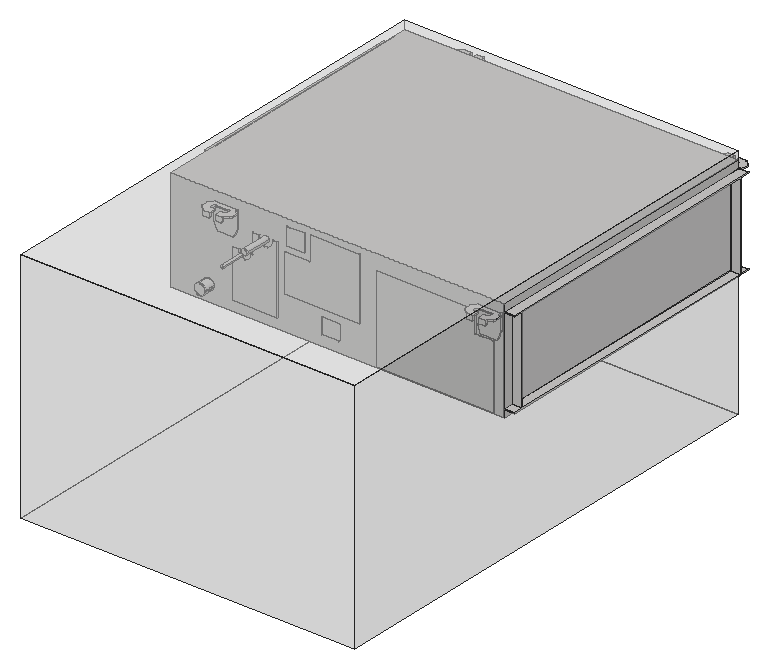
Revit family "outputfile", category 機械設備, Revit 2024
Family settings
  丸型コネクタ寸法 = 半径を使用
  パーツ タイプ = 標準
  OmniClass 番号 = 23.75.10.24.21.27.27
  OmniClass タイトル = Split System Air Conditioning Units
  作業面ベース = いいえ
  常に垂直 = はい
  ロード時にボイドで切り取り = いいえ
  注釈の向きを維持 = いいえ
  共有 = いいえ
  部屋計算ポイント = はい
Parameters (values of type "FBFC60DVMG")
  Description = ""
  製造元 = "Daikin"
  書き出し IFC クラス(タイプ) = "IfcUnitaryEquipmentType"
  定義済み IFC タイプ(タイプ) = "AIRCONDITIONINGUNIT"
  Cost = 0
  モデル = "FBFC60DVMG"
  Type Comments = ""
  Keynote = ""
  Type Image = (empty or 0)
  Assembly Code = ""
  switch_frequency = yes
  r_Liquid Pipe Size = Liquid Pipe Size / 2  # 3.2 mm
  r_Gas Pipe Size = Gas Pipe Size / 2  # 6.35 mm
  r_Drain Pipe Size = Drain Pipe Size / 2  # 12.5 mm
  lw_power = 770.0 mm  # constant formula
  lh_SA = 138.0 mm  # constant formula
  lw_SA = if(Depth = 550.0 mm, 225.0 mm, if(Depth = 700.0 mm, 300.0 mm, if(Depth = 1000.0 mm, 450.0 mm, if(Depth = 1400.0 mm, 650.0 mm, 725.0 mm))))  # 300.0 mm
  lw_RA = if(Depth = 550.0 mm, 275.0 mm, if(Depth = 700.0 mm, 349.0 mm, if(Depth = 1000.0 mm, 499.0 mm, if(Depth = 1400.0 mm, 699.0 mm, 775.0 mm))))  # 349.0 mm
  lh_power = 60.0 mm + [h***]  # 60.0 mm
  lh_mountinghole1 = lh_mountinghole + [h***]  # 222.0 mm
  lh_RA = 123.0 mm  # constant formula
  ld_power = Depth / 2  # 350.0 mm
  connector_voltage = Voltage_50Hz  # 230 V
  connector_powerinput = [Power Input (Cooling)]  # 0.000 kW
  connector_phase = Phase_50Hz  # 1
  Voltage_comment_50Hz = "220 - 240"
  Voltage_50Hz = 230 V
  URL = ""
  Supply Air Direction [instance] = yes
  Sound Power Level_H speed (dB) = 0
  Phase_50Hz = 1
  Minimum External Static Pressure = 30.00 Pa
  Minimum Circuit Amps_50Hz = 0.0 A
  Maximum Fuse Amps_50Hz = 0.0 A
  Maximum External Static Pressure = 130.00 Pa
  Material_Casing = DAIKIN_GalvanizedSteel_Casing_indoorunit
  lw_mountinghole = 630.0 mm  # constant formula
  lh_gaspipe = 183.0 mm + [h***]  # 183.0 mm
  lh_mountinghole = 222.0 mm  # constant formula
  lh_liquidpipe = 136.0 mm + [h***]  # 136.0 mm
  lh_drainpipe = 38.0 mm + [h***]  # 38.0 mm
  lh_antena = Height - lh_mountinghole + 1.0 mm  # 24.0 mm
  ld_drainpipe = Depth / 2 + 26.0 mm  # 376.0 mm
  ld_liquidpipe = Depth / 2 + 69.0 mm  # 419.0 mm
  ld_gaspipe = Depth / 2 + 65.0 mm  # 415.0 mm
  ld_mountinghole = Depth + 38.0 mm  # 738.0 mm
  h*** = 0.0 mm  # constant formula
  lw_liquidpipe = 179.0 mm  # constant formula
  lw_gaspipe = 229.0 mm  # constant formula
  lw_drainpipe = 91.0 mm  # constant formula
  Width = 800.0 mm
  Version = "ver.1.0"
  Unit Type = "M.S.P. Duct"
  Unit Mass Weight = 26.00 kg
  Unit Designation [instance] = ""
  Uniclass2015Version = "Products v1.30"
  Uniclass2015Title = "Split coil room air conditioning units"
  Uniclass2015Code = "Pr_70_65_03_86"
  Total Cooling Capacity [instance] = 0.000 kW
  Sound Pressure Level_M speed (dBA) = 35
  Sound Pressure Level_L speed (dBA) = 30
  Sound Pressure Level_H speed (dBA) = 37
  Series = "SkyAir_Fan Coil Unit"
  Sensible Cooling Capacity [instance] = 0.000 kW
  SA Duct Size Width = 492.0 mm
  SA Duct Size Height = 176.0 mm
  Refrigerant Type = "R32"
  RA Duct Size Width = 654.0 mm
  RA Duct Size Height = 208.0 mm
  Power Input (Cooling) = 0.000 kW
  Option Accessory 3 [instance] = ""
  Option Accessory 2 [instance] = ""
  Option Accessory 1 [instance] = ""
  Nominal Cooling Capacity = 6.000 kW
  Minimum Airflow = 540.00 m³/h
  Median Airflow = 720.00 m³/h
  Maximum Airflow = 930.00 m³/h
  Load Classification = HVAC
  Liquid Pipe Size = 6.4 mm
  Link_Nested Family [instance] = ""
  IfcVersion = ""
  IfcExportType = "AIRCONDITIONINGUNIT"
  IfcExportAs = "IfcUnitaryEquipmentType"
  Height = 245.0 mm
  Heat Exchanger Type = "Cross Fin Coil"
  Gas Pipe Size = 12.7 mm
  Frequency_50Hz = 50 Hz
  Fan Type = "Sirocco Fan"
  Fan Drive = "Direct Drive"
  FCU Tag No. [instance] = ""
  Drain Pipe Size = 25.0 mm
  Design Supply Airflow [instance] = 0.00 m³/h
  Design Return Airflow [instance] = 0.00 m³/h
  Design External Static Pressure [instance] = 0.00 Pa
  Depth = 700.0 mm
  既定の高さ = 0.0 mm
  Cooling Entering Wet Bulb Temperature [instance] = 0.00 °C
  Cooling Entering Dry Bulb Temperature [instance] = 0.00 °C
  Cooling Ambient Wet Bulb Temperature [instance] = 0.00 °C
  Cooling Ambient Dry Bulb Temperature [instance] = 0.00 °C
  Clearance visibility [instance] = yes
  Clearance Top = 20.0 mm
  Clearance Right = 0.0 mm
  Clearance Rear = 0.0 mm
  Clearance Left = 0.0 mm
  Clearance Front = 450.0 mm
  Clearance Bottom = 300.0 mm
Reference planes
  plane 1 "Center (Front/Back)": y = 0
  plane 2 "h": z = 0
  plane 3 "Center (Left/Right)": x = 0
  plane 4 "Back": y = 350
  plane 5 "Front": y = -350
  plane 6 "Left": x = -400
  plane 7 "Right": x = 400
  plane 8 "Top": z = 0
  plane 9 "Bottom": z = -245
  plane 10: y = -215
  plane 11: y = 350
  plane 12: y = -800
  plane 13: x = -400
  plane 14: x = 400
  plane 15: z = 20
  plane 16: z = -545
  plane 17: x = -400
  plane 18: x = -399
  plane 19: x = 399
  plane 20: y = 50
  plane 21: y = -1
  plane 22: z = -122
  plane 23: y = -351
  plane 24: z = -109
  plane 25: x = -221
  plane 26: y = -415
  plane 27: z = -62
  plane 28: x = -171
  plane 29: y = -376
  plane 30: z = -207
  plane 31: x = -309
  plane 32: x = -309
  plane 33: x = -221
  plane 34: x = -171
  plane 35: x = 370
  plane 36: x = -266
  plane 37: x = 364
  plane 38: y = -369
  plane 39: y = 369
  plane 40: z = -23
  plane 41: z = -107
  plane 42: y = -419
  plane 43: z = -207
  plane 44: x = -309
  plane 45: y = -376
  plane 46: x = -251
  plane 47: x = -203
  plane 48: x = -144
  plane 49: z = -59
  plane 50: z = -106
  plane 51: z = -221
  plane 52: z = -109
  plane 53: x = -221
  plane 54: z = -62
  plane 55: x = -171
  plane 56: z = -17
  plane 57: z = -59
  plane 58: x = -121
  plane 59: x = -79
  plane 60: x = -125
  plane 61: x = -64
  plane 62: x = 53
  plane 63: z = -164
  plane 64: z = -73
  plane 65: z = -16
  plane 66: x = 93.5
  plane 67: x = 374.5
  plane 68: x = 330
  plane 69: z = -88.5
  plane 70: z = -38
  plane 71: z = -242.5
  plane 72: x = -38.5
  plane 73: x = 6.5
  plane 74: z = -181
  plane 75: z = -221
  plane 76: y = -349
  plane 77: x = -424
  plane 78: x = 424
Forms (mm)
  Extrusion 1, solid, material "DAIKIN_GalvanizedSteel_Casing_indoorunit" <- "Material_Casing"
    sketch origin (0, 0, 0) x (1, 0, 0) y (0, 1, 0)
      loop
        line (-399, 350) -> (-399, -350) -> (399, -350) -> (399, 350) -> (-399, 350)
    from -245 to 0
  Extrusion 2, solid, material "DAIKIN_GalvanizedSteel_Casing_indoorunit" <- "Material_Casing"
    sketch origin (0, 0, 0) x (1, 0, 0) y (0, 0, 1)
      loop
        line (-251, -221) -> (-144, -221) -> (-144, -59) -> (-154.47, -59)
        arc (-154.47, -59) -> (-171, -78.8) -> (-187.53, -59) r 16.8
        line (-187.53, -59) -> (-203, -59) -> (-203, -106) -> (-206.916, -106)
        arc (-206.916, -106) -> (-221, -123.4) -> (-235.084, -106) r 14.4
        line (-235.084, -106) -> (-251, -106) -> (-251, -221)
    from 350 to 351
  Extrusion 3, solid, material "DAIKIN_GalvanizedSteel_Casing_indoorunit" <- "Material_Casing"
    sketch origin (0, 0, 0) x (1, 0, 0) y (0, 0, 1)
      loop
        line (-121, -17) -> (-121, -59) -> (-79, -59) -> (-79, -17) -> (-121, -17)
      loop
        line (-125, -73) -> (-125, -164) -> (53, -164) -> (53, -16) -> (-64, -16) -> (-64, -73) -> (-125, -73)
    from 350 to 351
  Extrusion 4, solid, material "DAIKIN_GalvanizedSteel_Casing_indoorunit" <- "Material_Casing"
    sketch origin (0, 0, 0) x (1, 0, 0) y (0, 0, 1)
      loop
        line (93.5, -38) -> (93.5, -242.5) -> (374.5, -242.5) -> (374.5, -88.5) -> (330, -88.5) -> (330, -38) -> (93.5, -38)
    from 350 to 351
  Extrusion 5, solid, material "DAIKIN_GalvanizedSteel_Casing_indoorunit" <- "Material_Casing"
    sketch origin (0, 0, 0) x (1, 0, 0) y (0, 0, 1)
      loop
        circle (-221, -109) r 3.2
    from 350 to 419
  Extrusion 6, solid, material "DAIKIN_GalvanizedSteel_Casing_indoorunit" <- "Material_Casing"
    sketch origin (0, 0, 0) x (1, 0, 0) y (0, 0, 1)
      loop
        circle (-171, -62) r 6.35
    from 350 to 415
  Extrusion 7, solid, material "DAIKIN_GalvanizedSteel_Casing_indoorunit" <- "Material_Casing"
    sketch origin (0, 0, 0) x (1, 0, 0) y (0, 0, 1)
      loop
        circle (-309, -207) r 12.5
    from 351 to 376
  Extrusion 8, solid, material "DAIKIN_GalvanizedSteel_Casing_indoorunit" <- "Material_Casing"
    sketch origin (0, 0, 0) x (1, 0, 0) y (0, 0, 1)
      loop
        circle (-309, -207) r 13
    from 350 to 376
  Extrusion 9, void
    sketch origin (0, 0, 0) x (1, 0, 0) y (0, 0, 1)
      loop
        line (-38.5, -181) -> (-38.5, -221) -> (6.5, -221) -> (6.5, -181) -> (-38.5, -181)
    from 349 to 350
Cuts and joins
  Extrusion 9 cuts Extrusion 1
Dimensions and locks
  "Height": plane 8 "Top" to plane 9 "Bottom"
  equal spacing: plane 4 "Back", plane 1 "Center (Front/Back)", plane 5 "Front"
  "Depth": plane 4 "Back" to plane 5 "Front"
  equal spacing: plane 6 "Left", plane 3 "Center (Left/Right)", plane 7 "Right"
  "Width": plane 6 "Left" to plane 7 "Right"
  "Clearance Left": plane 13 to plane 6 "Left"
  "Clearance Right": plane 7 "Right" to plane 14
  "Clearance Rear": plane 11 to plane 4 "Back"
  "Clearance Front": plane 5 "Front" to plane 12
  "Clearance Top": plane 15 to plane 8 "Top"
  "Clearance Bottom": plane 9 "Bottom" to plane 16
  locked: plane 17 to plane 18 at 1
  locked: plane 19 to plane 14 at 1
  "lw_SA": plane 11 to plane 20
  "lw_RA": plane 21 to plane 5 "Front"
  "lh_RA": plane 22 to plane 9 "Bottom"
  locked: plane 5 "Front" to plane 23 at 1
  "lw_liquidpipe": plane 25 to plane 6 "Left"
  "lh_liquidpipe": plane 24 to plane 9 "Bottom"
  "lh_gaspipe": plane 27 to plane 9 "Bottom"
  "lw_gaspipe": plane 28 to plane 6 "Left"
  "ld_gaspipe": plane 26 to plane 1 "Center (Front/Back)"
  "ld_drainpipe": plane 29 to plane 1 "Center (Front/Back)"
  "lh_drainpipe": plane 30 to plane 9 "Bottom"
  "lw_drainpipe": plane 31 to plane 6 "Left"
  "lw_drainpipe": plane 6 "Left" to plane 32
  "lw_liquidpipe": plane 6 "Left" to plane 33
  "lw_gaspipe": plane 6 "Left" to plane 34
  "lw_power": plane 6 "Left" to plane 35
  locked: plane 17 to plane 36 at 134
  "lw_mountinghole": plane 36 to plane 37
  equal spacing: plane 38, plane 1 "Center (Front/Back)", plane 39
  "ld_mountinghole": plane 39 to plane 38
  "lh_mountinghole": plane 40 to plane 9 "Bottom"
  "lh_SA": plane 41 to plane 9 "Bottom"
  locked: plane 44 to plane 6 "Left" at 91
  locked: plane 43 to plane 9 "Bottom" at 38
  locked: plane 5 "Front" to plane 45 at 26
  plane 48 to plane 47 to plane 46 to plane 6 "Left" = 59.0 mm, 48.0 mm, 149.0 mm
  plane 8 "Top" to plane 49 to plane 50 to plane 51 = 59.0 mm locked, 47.0 mm locked, 115.0 mm locked
  plane 55 to plane 53 to plane 6 "Left" = 50.0 mm locked, 179.0 mm locked
  plane 54 to plane 52 to plane 9 "Bottom" = 47.0 mm locked, 136.0 mm locked
  plane 59 to plane 58 to plane 6 "Left" = 42.0 mm locked, 279.0 mm locked
  plane 8 "Top" to plane 56 to plane 57 = 17.0 mm locked, 42.0 mm locked
  plane 62 to plane 61 to plane 60 to plane 6 "Left" = 117.0 mm, 61.0 mm, 275.0 mm
  plane 8 "Top" to plane 65 to plane 64 = 16.0 mm locked, 57.0 mm locked
  locked: plane 65 to plane 63 at 148
  plane 8 "Top" to plane 70 to plane 69 to plane 71 = 38.0 mm locked, 50.5 mm locked, 154.0 mm locked
  plane 67 to plane 68 to plane 66 to plane 6 "Left" = 44.5 mm locked, 236.5 mm locked, 493.5 mm locked
  plane 8 "Top" to plane 74 to plane 75 = 181.0 mm locked, 40.0 mm locked
  plane 73 to plane 72 to plane 6 "Left" = 45.0 mm, 361.5 mm
  locked: plane 76 to plane 5 "Front" at 1
  locked: plane 77 to plane 17 at 24
  locked: plane 14 to plane 78 at 24
  "ld_liquidpipe": plane 42 to plane 1 "Center (Front/Back)"
  "r_Liquid Pipe Size": radius of Extrusion 5 sketch curve
  "r_Gas Pipe Size": radius of Extrusion 6 sketch curve
  "r_Drain Pipe Size": radius of Extrusion 7 sketch curve
  aligned and locked: level to plane 2 "h"
  aligned and locked: plane 8 "Top" to Extrusion 1
  aligned and locked: Extrusion 1 to plane 9 "Bottom"
  aligned and locked: nested 5 to plane 12
  aligned and locked: plane 13 to nested 5
  aligned and locked: plane 14 to nested 5
  aligned and locked: nested 5 to plane 13
  aligned and locked: plane 11 to nested 5
  aligned and locked: plane 15 to nested 5
  aligned and locked: plane 16 to nested 5
  aligned and locked: plane 5 "Front" to Extrusion 1 sketch curve
  aligned and locked: Extrusion 1 to plane 18
  aligned and locked: plane 19 to Extrusion 1
  aligned and locked: nested 7 to plane 18
  aligned and locked: nested 7 to plane 20
  aligned and locked: plane 19 to nested 8
  aligned and locked: plane 21 to nested 8
  aligned and locked: plane 22 to nested 8
  aligned and locked: Extrusion 2 to plane 23
  aligned and locked: plane 5 "Front" to Extrusion 2
  aligned and locked: Extrusion 3 to plane 23
  aligned and locked: plane 5 "Front" to Extrusion 3
  aligned and locked: plane 5 "Front" to Extrusion 4
  aligned and locked: Extrusion 5 sketch curve to plane 25
  aligned and locked: plane 24 to Extrusion 5 sketch curve
  aligned and locked: plane 5 "Front" to Extrusion 5
  aligned and locked: Extrusion 6 sketch curve to plane 28
  aligned and locked: plane 27 to Extrusion 6 sketch curve
  aligned and locked: plane 5 "Front" to Extrusion 6
  aligned and locked: Extrusion 7 sketch curve to plane 31
  aligned and locked: plane 30 to Extrusion 7 sketch curve
  aligned and locked: Extrusion 7 to plane 29
  aligned and locked: plane 23 to Extrusion 7
  aligned and locked: nested 3 to plane 29
  aligned and locked: plane 32 to nested 3
  aligned and locked: nested 2 to plane 33
  aligned and locked: nested 1 to plane 34
  aligned and locked: Extrusion 6 to plane 26
  aligned and locked: nested 1 to plane 26
  aligned and locked: nested 6 to plane 5 "Front"
  aligned and locked: nested 6 to plane 35
  aligned and locked: plane 36 to nested 10
  aligned and locked: nested 10 to plane 5 "Front"
  aligned and locked: plane 37 to nested 9
  aligned and locked: nested 9 to plane 5 "Front"
  aligned and locked: nested 11 to plane 36
  aligned and locked: plane 4 "Back" to nested 11
  aligned and locked: nested 12 to plane 37
  aligned and locked: plane 4 "Back" to nested 12
  aligned and locked: plane 40 to nested 10
  aligned and locked: plane 40 to nested 11
  aligned and locked: plane 40 to nested 9
  aligned and locked: plane 40 to nested 12
  aligned and locked: plane 36 to nested 14
  aligned and locked: nested 14 to plane 39
  aligned and locked: plane 37 to nested 13
  aligned and locked: nested 13 to plane 39
  aligned and locked: plane 37 to nested 16
  aligned and locked: plane 38 to nested 16
  aligned and locked: plane 38 to nested 15
  aligned and locked: plane 36 to nested 15
  aligned and locked: plane 17 to plane 6 "Left"
  aligned and locked: plane 41 to nested 7
  aligned and locked: Extrusion 5 to plane 42
  aligned and locked: nested 2 to plane 42
  aligned and locked: Extrusion 8 sketch curve to plane 44
  aligned and locked: plane 43 to Extrusion 8 sketch curve
  aligned and locked: plane 5 "Front" to Extrusion 8
  aligned and locked: plane 45 to Extrusion 8
  aligned and locked: Extrusion 3 sketch curve to plane 56
  aligned and locked: Extrusion 3 sketch curve to plane 58
  aligned and locked: plane 57 to Extrusion 3 sketch curve
  aligned and locked: plane 59 to Extrusion 3 sketch curve
  aligned and locked: Extrusion 4 to plane 23
  aligned and locked: Extrusion 9 sketch curve to plane 74
  aligned and locked: plane 75 to Extrusion 9 sketch curve
  aligned and locked: plane 73 to Extrusion 9 sketch curve
  aligned and locked: plane 5 "Front" to Extrusion 9
  aligned and locked: plane 76 to Extrusion 9
  aligned and locked: nested 17 to plane 20
  aligned and locked: nested 17 to plane 77
  aligned and locked: plane 21 to nested 18
  aligned and locked: plane 78 to nested 18
  aligned and locked: plane 41 to nested 17
  aligned and locked: nested 18 to plane 22
  aligned and locked: nested 4 to plane 3 "Center (Left/Right)"
  aligned and locked: plane 1 "Center (Front/Back)" to nested 4
  aligned and locked: level to plane 8 "Top"
Automatic sketch dimensions
  plane 6 "Left" to Extrusion 1 sketch curve = 1.0 mm
  Extrusion 1 sketch curve to plane 7 "Right" = 1.0 mm
  Extrusion 1 sketch curve to plane 4 "Back" = 0.0 mm
  Extrusion 2 sketch curve to plane 46 = 0.0 mm
  Extrusion 2 sketch curve to plane 33 = 0.0 mm
  Extrusion 2 sketch curve to plane 47 = 0.0 mm
  Extrusion 2 sketch curve to plane 34 = 0.0 mm
  Extrusion 2 sketch curve to plane 48 = 0.0 mm
  Extrusion 2 sketch curve to plane 51 = 0.0 mm
  Extrusion 2 sketch curve to plane 52 = 0.0 mm
  Extrusion 2 sketch curve to plane 50 = 0.0 mm  (x3)
  Extrusion 2 sketch curve to plane 54 = 0.0 mm
  Extrusion 2 sketch curve to plane 49 = 0.0 mm  (x3)
  plane 33 to Extrusion 2 sketch curve = 14.084 mm
  plane 34 to Extrusion 2 sketch curve = 16.53 mm
  Extrusion 3 sketch curve to plane 60 = 0.0 mm
  Extrusion 3 sketch curve to plane 61 = 0.0 mm
  Extrusion 3 sketch curve to plane 62 = 0.0 mm
  Extrusion 3 sketch curve to plane 63 = 0.0 mm
  Extrusion 3 sketch curve to plane 64 = 0.0 mm
  Extrusion 3 sketch curve to plane 65 = 0.0 mm
  Extrusion 4 sketch curve to plane 66 = 0.0 mm
  Extrusion 4 sketch curve to plane 68 = 0.0 mm
  Extrusion 4 sketch curve to plane 67 = 0.0 mm
  Extrusion 4 sketch curve to plane 71 = 0.0 mm
  Extrusion 4 sketch curve to plane 69 = 0.0 mm
  Extrusion 4 sketch curve to plane 70 = 0.0 mm
  Extrusion 9 sketch curve to plane 72 = 0.0 mm
  radius of Extrusion 8 sketch curve = 13.0 mm
Nested families
  nested 1: "daikin_connector_rotate2" at (-171, 0, -62), length <- "ld_gaspipe", built-in parameter 1001364 <- "lh_gaspipe", radius <- "r_Gas Pipe Size", type "daikin_connector_rotate2"
    with radius 6.35 mm, length 415.0 mm, angle_vertical 90.00°
  nested 2: "daikin_connector_rotate2" at (-221, 0, -109), length <- "ld_liquidpipe", built-in parameter 1001364 <- "lh_liquidpipe", radius <- "r_Liquid Pipe Size", type "daikin_connector_rotate2"
    with radius 3.2 mm, length 419.0 mm, angle_vertical 90.00°
  nested 3: "daikin_connector_rotate2" at (-309, 0, -207), length <- "ld_drainpipe", built-in parameter 1001364 <- "lh_drainpipe", radius <- "r_Drain Pipe Size", type "daikin_connector_rotate2"
    with radius 12.5 mm, length 376.0 mm, angle_vertical 90.00°
  nested 4: "daikin_△_symbolicline" at (0, 0, 245) x (0, -1, 0) z (0, 0, 1), built-in parameter 1001364 <- "Height", visible <- "Supply Air Direction", type "daikin_△_symbolicline"
    with length 200.0 mm
  nested 5: "daikin_clearancespace" at (0, -225, -262.381), visible <- "Clearance visibility", show <- "Clearance visibility", Link_Nested Family <- "Link_Nested Family", type "daikin_clearancespace"
    with width 800.0 mm, show yes, height 565.0 mm, depth 1150.0 mm, Link_Nested Family ""
  nested 6: "daikin_connector_rotate2" at (370, 0, -185), built-in parameter 1001364 <- "lh_power", length <- "ld_power", type "daikin_connector_rotate2"
    with radius 10.0 mm, length 350.0 mm, angle_vertical 90.00°
  nested 7: "daikin_ductflange_FBFC-DVMG2" at (-399, 50, -107) x (0, -1, 0) z (0, 0, 1), type "daikin_ductflange_FBFC-DVMG2"
    with width 492.0 mm, w 700.0 mm
  nested 8: "daikin_ductflange_FBFC-DVMG" at (399, -1, -122) x (0, 1, 0) z (0, 0, 1), type "daikin_ductflange_FBFC-DVMG"
  nested 9: "daikin_hangerfixture_FBFC-DVMG" at (364, -350, -23), type "daikin_hangerfixture_FBFC-DVMG"
  nested 10: "daikin_hangerfixture_FBFC-DVMG" at (-266, -350, -23), type "daikin_hangerfixture_FBFC-DVMG"
  nested 11: "daikin_hangerfixture_FBFC-DVMG" at (-266, 350, -23) x (-1, 0, 0) z (0, 0, 1), type "daikin_hangerfixture_FBFC-DVMG"
  nested 12: "daikin_hangerfixture_FBFC-DVMG" at (364, 350, -23) x (-1, 0, 0) z (0, 0, 1), type "daikin_hangerfixture_FBFC-DVMG"
  nested 13: "daikin_mountinghole" at (364, 369, -245), h_mountinghole <- "lh_mountinghole1", l_antenna <- "lh_antena", Link_Nested Family <- "Link_Nested Family", type "daikin_mountinghole"
    with show yes, l_antenna 24.0 mm, h_mountinghole 222.0 mm, Link_Nested Family ""
  nested 14: "daikin_mountinghole" at (-266, 369, -245), h_mountinghole <- "lh_mountinghole1", l_antenna <- "lh_antena", Link_Nested Family <- "Link_Nested Family", type "daikin_mountinghole"
    with show yes, l_antenna 24.0 mm, h_mountinghole 222.0 mm, Link_Nested Family ""
  nested 15: "daikin_mountinghole" at (-266, -369, -245), h_mountinghole <- "lh_mountinghole1", l_antenna <- "lh_antena", Link_Nested Family <- "Link_Nested Family", type "daikin_mountinghole"
    with show yes, l_antenna 24.0 mm, h_mountinghole 222.0 mm, Link_Nested Family ""
  nested 16: "daikin_mountinghole" at (364, -369, -245), h_mountinghole <- "lh_mountinghole1", l_antenna <- "lh_antena", Link_Nested Family <- "Link_Nested Family", type "daikin_mountinghole"
    with show yes, l_antenna 24.0 mm, h_mountinghole 222.0 mm, Link_Nested Family ""
  nested 17: "daikin_connector_rotate2" at (-400, 50, -107) x (0, -1, 0) z (0, 0, 1), type "daikin_connector_rotate2"
    with radius 10.0 mm, length 24.0 mm, angle_vertical 90.00°
  nested 18: "daikin_connector_rotate2" at (400, -1, -122) x (0, 1, 0) z (0, 0, 1), type "daikin_connector_rotate2"
    with radius 10.0 mm, length 24.0 mm, angle_vertical 90.00°
Connectors
  piping at (-309, -376, -207), diameter 25, driven by "r_Drain Pipe Size"
    settings: on nested 3, index 3, connector inside diameter 609.6 mm, connector length 0.0 mm, flow factor 0, pipe flow 0.00 m³/h, pressure drop 0.0 Pa, fitting loss kfactor 0, connector angle 0.00°, fixture units 0, engagement length 0.0 mm, angle of deflection 0.00°, flow configuration 1, flow direction 2, fitting loss method 4, system type 16, joint type 0, gender type 0, connector reference index -1, connector utility 0, adjustable connector no, is connector primary yes, connector description "Condensate Drain Piping"
  piping at (-171, -415, -62), diameter 12.7, driven by "r_Gas Pipe Size"
    settings: on nested 1, index 4, connector inside diameter 609.6 mm, connector length 0.0 mm, flow factor 0, pipe flow 0.00 m³/h, pressure drop 0.0 Pa, fitting loss kfactor 0, connector angle 0.00°, fixture units 0, engagement length 0.0 mm, angle of deflection 0.00°, flow configuration 1, flow direction 2, fitting loss method 0, system type 29, joint type 0, gender type 0, connector reference index -1, connector utility 0, adjustable connector no, is connector primary no, connector description "Refrigerant Gas Piping"
  piping at (-221, -419, -109), diameter 6.4, driven by "r_Liquid Pipe Size"
    settings: on nested 2, index 5, connector inside diameter 609.6 mm, connector length 0.0 mm, flow factor 0, pipe flow 0.00 m³/h, pressure drop 0.0 Pa, fitting loss kfactor 0, connector angle 0.00°, fixture units 0, engagement length 0.0 mm, angle of deflection 0.00°, flow configuration 1, flow direction 1, fitting loss method 0, system type 29, joint type 0, gender type 0, connector reference index -1, connector utility 0, adjustable connector no, is connector primary no, connector description "Refrigerant Liquid Piping"
  electrical at (370, -350, -185), driven by "Load Classification", driven by "connector_powerinput", driven by "connector_voltage", driven by "connector_phase"
    settings: on nested 6, index 6, voltage 230 V, apparent load 0 VA, apparent load phase1 0 VA, apparent load phase2 0 VA, apparent load phase3 0 VA, power factor 1, load classification "HVAC", number of poles 1, system type 30, power factor state 1, is connector primary yes, connector utility no, sub classification motor no, connector description "Power Supply"
  hvac at (-424, 50, -107), driven by "SA Duct Size Height", driven by "SA Duct Size Width"
    settings: on nested 17, index 7, duct flow 0.00 m³/h, flow factor 0, pres drop 0.00 Pa, loss coef 0, conn angle 0.00°, conn width 492.0 mm, conn height 176.0 mm, conn diameter 609.6 mm, duct sys type 1, conn prof type 1, flow config 0, flow direction 2, loss method 4, conn ref index -1, conn util no, is conn primary yes, conn desc "SA Duct"
  hvac at (424, -1, -122), driven by "RA Duct Size Height", driven by "RA Duct Size Width"
    settings: on nested 18, index 8, duct flow 0.00 m³/h, flow factor 0, pres drop 0.00 Pa, loss coef 0, conn angle 0.00°, conn width 654.0 mm, conn height 208.0 mm, conn diameter 609.6 mm, duct sys type 2, conn prof type 1, flow config 0, flow direction 1, loss method 4, conn ref index -1, conn util no, is conn primary no, conn desc "RA Duct"
Definition of nested family "daikin_clearancespace"
  Parameters (values of type "daikin_clearancespace")
    Description = "daikin_clearancespace"
    width [instance] = 1823.963 mm
    show [instance] = yes
    material = none
    height [instance] = 1359.762 mm
    depth [instance] = 880.0 mm
    Default Elevation = 0.0 mm
    Link_Nested Family [instance] = ""
  Reference planes
    plane 1 "Center (Front/Back)": y = 0
    plane 2 "Center (Elevation)": z = -0.119
    plane 3 "Center (Left/Right)": x = 0
    plane 4: y = 440
    plane 5: y = -440
    plane 6 "Right": x = 911.982
    plane 7 "Left": x = -911.982
    plane 8 "Top": z = 679.762
    plane 9 "Bottom": z = -680
  Forms (mm)
    Extrusion 1, solid, material <- "material", visible <- "show"
      sketch origin (0, 0, 0) x (1, 0, 0) y (0, 1, 0)
        loop
          line (-911.982, 440) -> (-911.982, -440) -> (911.982, -440) -> (911.982, 440) -> (-911.982, 440)
      from -680 to 679.762
  Lines and regions (mm)
    symbolic lines, visible <- "show"
      curve 1: line (911.982, 440, 0) -> (-911.982, 440, 0)
      curve 2: line (-911.982, 440, 0) -> (-911.982, -440, 0)
      curve 3: line (-911.982, -440, 0) -> (911.982, -440, 0)
      curve 4: line (911.982, -440, 0) -> (911.982, 440, 0)
      curve 5: line (911.982, 0, 679.762) -> (-911.982, 0, 679.762)
      curve 6: line (911.982, 0, -680) -> (911.982, 0, 679.762)
      curve 7: line (-911.982, 0, -680) -> (911.982, 0, -680)
      curve 8: line (-911.982, 0, 679.762) -> (-911.982, 0, -680)
      curve 9: line (0, 440, 679.762) -> (0, -440, 679.762)
      curve 10: line (0, -440, 679.762) -> (0, -440, -680)
      curve 11: line (0, 440, -680) -> (0, 440, 679.762)
      curve 12: line (0, -440, -680) -> (0, 440, -680)
  Dimensions and locks
    "width": plane 7 "Left" to plane 6 "Right"
    "depth": plane 4 to plane 5
    "height": plane 8 "Top" to plane 9 "Bottom"
    equal spacing: plane 7 "Left", plane 3 "Center (Left/Right)", plane 6 "Right"
    equal spacing: plane 4, plane 1 "Center (Front/Back)", plane 5
    equal spacing: plane 8 "Top", plane 2 "Center (Elevation)", plane 9 "Bottom"
    aligned and locked: level to plane 2 "Center (Elevation)"
    aligned and locked: Extrusion 1 sketch curve to plane 4
    aligned and locked: plane 7 "Left" to Extrusion 1 sketch curve
    aligned and locked: Extrusion 1 sketch curve to plane 5
    aligned and locked: Extrusion 1 sketch curve to plane 6 "Right"
    aligned and locked: plane 8 "Top" to Extrusion 1
    aligned and locked: curve 1 to Extrusion 1
    aligned and locked: curve 2 to Extrusion 1
    aligned and locked: curve 3 to Extrusion 1
    aligned and locked: curve 4 to Extrusion 1
    aligned and locked: curve 5 to Extrusion 1
    aligned and locked: curve 6 to Extrusion 1
    aligned and locked: curve 7 to Extrusion 1
    aligned and locked: curve 8 to Extrusion 1
    aligned and locked: curve 9 to Extrusion 1
    aligned and locked: curve 10 to Extrusion 1
    aligned and locked: curve 11 to Extrusion 1
    aligned and locked: curve 12 to Extrusion 1
    aligned and locked: Extrusion 1 to plane 9 "Bottom"
Definition of nested family "daikin_ductflange_FBFC-DVMG2"
  Parameters (values of type "daikin_ductflange_FBFC-DVMG2")
    width = if(w = 550.0 mm, 337.0 mm, if(w = 700.0 mm, 492.0 mm, if(w = 1000.0 mm, 792.0 mm, if(w = 1400.0 mm, 1192.0 mm, 1337.0 mm))))  # 1192.0 mm
    material = none
    height = 215.0 mm
    depth = 1.0 mm
    w = 1400.0 mm
    Default Elevation = 0.0 mm
  Reference planes
    plane 1 "Center (Front/Back)": y = 0
    plane 2: z = 0
    plane 3 "Center (Left/Right)": x = 0
    plane 4: z = 88
    plane 5: z = -88
    plane 6: y = -25
    plane 7: z = 106
    plane 8: z = 89
    plane 9: y = -1
    plane 10: x = -617.5
    plane 11: x = 617.5
    plane 12: z = -106
    plane 13: z = -89
    plane 14: y = -1
    plane 15: x = 596
    plane 16: x = -596
    plane 17: x = 597
    plane 18: z = 87
    plane 19: z = -87
    plane 20: x = -597
    plane 21: z = 87
    plane 22: z = -87
    plane 23: y = -1
  Forms (mm)
    Extrusion 1, solid, material <- "material"
      sketch origin (0, 0, 0) x (0, 1, 0) y (0, 0, 1)
        loop
          line (-25, 88) -> (0, 88) -> (0, 106) -> (-1, 106) -> (-1, 89) -> (-25, 89) -> (-25, 88)
      from -617.5 to 617.5
    Extrusion 2, solid, material <- "material"
      sketch origin (0, 0, 0) x (0, 1, 0) y (0, 0, 1)
        loop
          line (-25, -88) -> (-25, -89) -> (-1, -89) -> (-1, -106) -> (0, -106) -> (0, -88) -> (-25, -88)
      from -617.5 to 617.5
    Extrusion 3, solid, material <- "material"
      sketch origin (0, 0, 0) x (1, 0, 0) y (0, 0, 1)
        loop
          line (596, 88) -> (596, -88) -> (617.5, -88) -> (617.5, -87) -> (597, -87) -> (597, 87) -> (617.5, 87) -> (617.5, 88) -> (596, 88)
      from 0 to 25
    Extrusion 4, solid, material <- "material"
      sketch origin (0, 0, 0) x (1, 0, 0) y (0, 0, 1)
        loop
          line (-617.5, 88) -> (-617.5, 87) -> (-597, 87) -> (-597, -87) -> (-617.5, -87) -> (-617.5, -88) -> (-596, -88) -> (-596, 88) -> (-617.5, 88)
      from 0 to 25
    Extrusion 5, solid, material <- "material"
      sketch origin (0, 0, 0) x (1, 0, 0) y (0, 0, 1)
        loop
          line (-617.5, 88) -> (-617.5, -88) -> (-596, -88) -> (-596, 88) -> (-617.5, 88)
        loop
          line (617.5, 88) -> (596, 88) -> (596, -88) -> (617.5, -88) -> (617.5, 88)
      from 0 to 1
  Cuts and joins
    joined: Extrusion 1, Extrusion 2, Extrusion 3, Extrusion 4, Extrusion 5
  Dimensions and locks
    plane 4 to level to plane 5 = 88.0 mm, 88.0 mm
    locked: plane 6 to plane 1 "Center (Front/Back)" at 25
    locked: plane 9 to plane 1 "Center (Front/Back)" at 1
    locked: plane 8 to plane 4 at 1
    locked: plane 16 to plane 10 at 21.5
    locked: plane 17 to plane 15 at 1
    locked: plane 4 to plane 18 at 1
    locked: plane 19 to plane 5 at 1
    "width": plane 15 to plane 16
    plane 4 to plane 5 = 176.0 mm
    locked: plane 16 to plane 20 at 1
    locked: plane 4 to plane 21 at 1
    locked: plane 22 to plane 5 at 1
    locked: plane 23 to plane 1 "Center (Front/Back)" at 1
    plane 4 to level to plane 5 = 88.0 mm locked, 88.0 mm locked
    locked: plane 5 to plane 13 at 1
    locked: plane 5 to plane 12 at 18
    locked: plane 7 to plane 4 at 18
    equal spacing: plane 15, plane 3 "Center (Left/Right)", plane 16
    locked: plane 11 to plane 15 at 21.5
    plane 11 to plane 10 = 1235.0 mm
    aligned and locked: level to plane 2
    aligned and locked: Extrusion 1 to plane 10
    aligned and locked: plane 11 to Extrusion 1
    aligned and locked: plane 5 to Extrusion 2
    aligned and locked: Extrusion 2 to plane 1 "Center (Front/Back)"
    aligned and locked: plane 15 to Extrusion 3 sketch curve
    aligned and locked: Extrusion 3 sketch curve to Extrusion 2  (x2)
    aligned and locked: Extrusion 3 sketch curve to plane 11
    aligned and locked: plane 6 to Extrusion 3
    aligned and locked: Extrusion 2 to plane 10
    aligned and locked: plane 11 to Extrusion 2
    aligned and locked: Extrusion 4 sketch curve to Extrusion 1  (x2)
    aligned and locked: plane 5 to Extrusion 4 sketch curve
    aligned and locked: Extrusion 4 sketch curve to plane 16
    aligned and locked: Extrusion 4 sketch curve to plane 22
    aligned and locked: plane 20 to Extrusion 4 sketch curve
    aligned and locked: plane 21 to Extrusion 4 sketch curve
    aligned and locked: Extrusion 4 to plane 1 "Center (Front/Back)"
    aligned and locked: plane 6 to Extrusion 4
    aligned and locked: Extrusion 5 sketch curve to Extrusion 1  (x4)
    aligned and locked: Extrusion 5 sketch curve to Extrusion 4  (x2)
    aligned and locked: Extrusion 5 sketch curve to Extrusion 3  (x2)
    aligned and locked: Extrusion 5 to plane 1 "Center (Front/Back)"
    aligned and locked: plane 23 to Extrusion 5
  Automatic sketch dimensions
    Extrusion 1 sketch curve to plane 6 = 0.0 mm
    Extrusion 1 sketch curve to plane 7 = 0.0 mm
    Extrusion 1 sketch curve to plane 9 = 0.0 mm
    Extrusion 1 sketch curve to plane 1 "Center (Front/Back)" = 0.0 mm
    Extrusion 1 sketch curve to plane 4 = 0.0 mm
    Extrusion 1 sketch curve to plane 8 = 0.0 mm
    Extrusion 2 sketch curve to plane 6 = 0.0 mm
    plane 12 to Extrusion 2 sketch curve = 0.0 mm
    Extrusion 2 sketch curve to plane 14 = 0.0 mm
    Extrusion 2 sketch curve to plane 1 "Center (Front/Back)" = 0.0 mm
    plane 13 to Extrusion 2 sketch curve = 0.0 mm
    Extrusion 2 sketch curve to plane 5 = 0.0 mm
    Extrusion 3 sketch curve to plane 17 = 0.0 mm
    Extrusion 3 sketch curve to plane 19 = 0.0 mm
    Extrusion 3 sketch curve to plane 18 = 0.0 mm
    Extrusion 3 sketch curve to plane 4 = 0.0 mm
    Extrusion 4 sketch curve to plane 10 = 0.0 mm
Definition of nested family "daikin_ductflange_FBFC-DVMG"
  Parameters (values of type "daikin_ductflange_FBFC-DVMG")
    width = if(w = 550.0 mm, 502.0 mm, if(w = 700.0 mm, 654.0 mm, if(w = 1000.0 mm, 952.0 mm, if(w = 1400.0 mm, 1352.0 mm, 1502.0 mm))))  # 654.0 mm
    material = none
    lw = if(width = 654.0 mm, 23.0 mm, 25.0 mm)  # 23.0 mm
    height = 208.0 mm
    depth = 1.0 mm
    w = 700.0 mm
    Default Elevation = 0.0 mm
  Reference planes
    plane 1 "Center (Front/Back)": y = 0
    plane 2: z = 0
    plane 3 "Center (Left/Right)": x = 0
    plane 4: z = 104
    plane 5: z = -104
    plane 6: y = -25
    plane 7: z = 121
    plane 8: z = 105
    plane 9: y = -1
    plane 10: x = -350
    plane 11: x = 350
    plane 12: z = -122
    plane 13: z = -105
    plane 14: y = -1
    plane 15: x = 327
    plane 16: x = -327
    plane 17: x = 328
    plane 18: z = 103
    plane 19: z = -103
    plane 20: x = -328
    plane 21: z = 103
    plane 22: z = -103
    plane 23: y = -1
  Forms (mm)
    Extrusion 1, solid, material <- "material"
      sketch origin (0, 0, 0) x (0, 1, 0) y (0, 0, 1)
        loop
          line (-25, 104) -> (0, 104) -> (0, 121) -> (-1, 121) -> (-1, 105) -> (-25, 105) -> (-25, 104)
      from -350 to 350
    Extrusion 2, solid, material <- "material"
      sketch origin (0, 0, 0) x (0, 1, 0) y (0, 0, 1)
        loop
          line (-25, -104) -> (-25, -105) -> (-1, -105) -> (-1, -122) -> (0, -122) -> (0, -104) -> (-25, -104)
      from -350 to 350
    Extrusion 3, solid, material <- "material"
      sketch origin (0, 0, 0) x (1, 0, 0) y (0, 0, 1)
        loop
          line (327, 104) -> (327, -104) -> (350, -104) -> (350, -103) -> (328, -103) -> (328, 103) -> (350, 103) -> (350, 104) -> (327, 104)
      from 0 to 25
    Extrusion 4, solid, material <- "material"
      sketch origin (0, 0, 0) x (1, 0, 0) y (0, 0, 1)
        loop
          line (-350, 104) -> (-350, 103) -> (-328, 103) -> (-328, -103) -> (-350, -103) -> (-350, -104) -> (-327, -104) -> (-327, 104) -> (-350, 104)
      from 0 to 25
    Extrusion 5, solid, material <- "material"
      sketch origin (0, 0, 0) x (1, 0, 0) y (0, 0, 1)
        loop
          line (-350, 104) -> (-350, -104) -> (-327, -104) -> (-327, 104) -> (-350, 104)
        loop
          line (350, 104) -> (327, 104) -> (327, -104) -> (350, -104) -> (350, 104)
      from 0 to 1
  Cuts and joins
    joined: Extrusion 1, Extrusion 2, Extrusion 3, Extrusion 4, Extrusion 5
  Dimensions and locks
    plane 4 to level to plane 5 = 104.0 mm, 104.0 mm
    locked: plane 6 to plane 1 "Center (Front/Back)" at 25
    locked: plane 9 to plane 1 "Center (Front/Back)" at 1
    locked: plane 8 to plane 4 at 1
    "lw": plane 11 to plane 15
    "lw": plane 16 to plane 10
    locked: plane 17 to plane 15 at 1
    locked: plane 4 to plane 18 at 1
    locked: plane 19 to plane 5 at 1
    "width": plane 15 to plane 16
    equal spacing: plane 15, plane 3 "Center (Left/Right)", plane 16
    locked: plane 16 to plane 20 at 1
    locked: plane 4 to plane 21 at 1
    locked: plane 22 to plane 5 at 1
    locked: plane 23 to plane 1 "Center (Front/Back)" at 1
    locked: plane 7 to plane 4 at 17
    locked: plane 1 "Center (Front/Back)" to plane 14 at 1
    locked: plane 5 to plane 13 at 1
    "height": plane 4 to plane 5
    plane 11 to plane 10 = 700.0 mm
    locked: plane 12 to plane 13 at 17
    equal spacing: plane 4, level, plane 5
    aligned and locked: level to plane 2
    aligned and locked: Extrusion 1 to plane 10
    aligned and locked: plane 11 to Extrusion 1
    aligned and locked: plane 5 to Extrusion 2
    aligned and locked: Extrusion 2 to plane 1 "Center (Front/Back)"
    aligned and locked: plane 15 to Extrusion 3 sketch curve
    aligned and locked: Extrusion 3 sketch curve to Extrusion 2  (x2)
    aligned and locked: Extrusion 3 sketch curve to plane 11
    aligned and locked: plane 6 to Extrusion 3
    aligned and locked: Extrusion 2 to plane 10
    aligned and locked: plane 11 to Extrusion 2
    aligned and locked: Extrusion 4 sketch curve to Extrusion 1  (x2)
    aligned and locked: plane 5 to Extrusion 4 sketch curve
    aligned and locked: Extrusion 4 sketch curve to plane 16
    aligned and locked: Extrusion 4 sketch curve to plane 22
    aligned and locked: plane 20 to Extrusion 4 sketch curve
    aligned and locked: plane 21 to Extrusion 4 sketch curve
    aligned and locked: Extrusion 4 to plane 1 "Center (Front/Back)"
    aligned and locked: plane 6 to Extrusion 4
    aligned and locked: Extrusion 5 sketch curve to Extrusion 1  (x4)
    aligned and locked: Extrusion 5 sketch curve to Extrusion 4  (x2)
    aligned and locked: Extrusion 5 sketch curve to Extrusion 3  (x2)
    aligned and locked: Extrusion 5 to plane 1 "Center (Front/Back)"
    aligned and locked: plane 23 to Extrusion 5
  Automatic sketch dimensions
    Extrusion 1 sketch curve to plane 6 = 0.0 mm
    Extrusion 1 sketch curve to plane 7 = 0.0 mm
    Extrusion 1 sketch curve to plane 9 = 0.0 mm
    Extrusion 1 sketch curve to plane 1 "Center (Front/Back)" = 0.0 mm
    Extrusion 1 sketch curve to plane 4 = 0.0 mm
    Extrusion 1 sketch curve to plane 8 = 0.0 mm
    Extrusion 2 sketch curve to plane 6 = 0.0 mm
    plane 12 to Extrusion 2 sketch curve = 0.0 mm
    Extrusion 2 sketch curve to plane 14 = 0.0 mm
    Extrusion 2 sketch curve to plane 1 "Center (Front/Back)" = 0.0 mm
    plane 13 to Extrusion 2 sketch curve = 0.0 mm
    Extrusion 2 sketch curve to plane 5 = 0.0 mm
    Extrusion 3 sketch curve to plane 17 = 0.0 mm
    Extrusion 3 sketch curve to plane 19 = 0.0 mm
    Extrusion 3 sketch curve to plane 18 = 0.0 mm
    Extrusion 3 sketch curve to plane 4 = 0.0 mm
    Extrusion 4 sketch curve to plane 10 = 0.0 mm
Definition of nested family "daikin_hangerfixture_FBFC-DVMG"
  Parameters (values of type "daikin_hangerfixture_FXMQ-PAVE")
    width = 72.0 mm
    material = none
    height = 60.0 mm
    depth = 41.0 mm
    Default Elevation = 0.0 mm
  Reference planes
    plane 1 "Center (Front/Back)": y = 0
    plane 2: z = 0
    plane 3 "Center (Left/Right)": x = 0
    plane 4: y = 417.146
    plane 5: y = -41
    plane 6: x = -36
    plane 7: x = 36
    plane 8: z = -2.3
    plane 9: z = -60
    plane 10: y = -2.3
    plane 11: z = -12
    plane 12: y = -38.7
  Forms (mm)
    Extrusion 1, solid, material <- "material"
      sketch origin (0, 0, 0) x (1, 0, 0) y (0, 1, 0)
        loop
          line (-28, 0) -> (-28, -5)
          arc (-28, -5) -> (-29.127, -8.162) -> (-32, -9.899) r 5
          arc (-32, -9.899) -> (-34.873, -11.636) -> (-36, -14.798) r 5
          line (-36, -14.798) -> (-36, -27.178)
          arc (-36, -27.178) -> (-35.429, -29.499) -> (-33.846, -31.289) r 5
          line (-33.846, -31.289) -> (-23, -38.798) -> (-23, -41.098) -> (-6.5, -41.098) -> (-6.5, -28.498)
          arc (-6.5, -28.498) -> (-7.379, -26.377) -> (-9.5, -25.498) r 3
          line (-9.5, -25.498) -> (-13.5, -25.498)
          arc (-13.5, -25.498) -> (-20, -18.998) -> (-13.5, -12.498) r 6.5
          line (-13.5, -12.498) -> (13.5, -12.498)
          arc (13.5, -12.498) -> (20, -18.998) -> (13.5, -25.498) r 6.5
          line (13.5, -25.498) -> (9.5, -25.498)
          arc (9.5, -25.498) -> (7.379, -26.377) -> (6.5, -28.498) r 3
          line (6.5, -28.498) -> (6.5, -41.098) -> (23, -41.098) -> (23, -38.798) -> (33.846, -31.289)
          arc (33.846, -31.289) -> (35.429, -29.499) -> (36, -27.178) r 5
          line (36, -27.178) -> (36, -14.596)
          arc (36, -14.596) -> (34.873, -11.434) -> (32, -9.697) r 5
          arc (32, -9.697) -> (29.127, -7.96) -> (28, -4.798) r 5
          line (28, -4.798) -> (28, 0) -> (-28, 0)
      from 0 to -2.3
    Extrusion 2, solid, material <- "material"
      sketch origin (0, 0, 0) x (1, 0, 0) y (0, 0, 1)
        loop
          line (28, -39.037) -> (28, 0) -> (-28, 0) -> (-28, -39.037)
          arc (-28, -39.037) -> (-27.91, -39.983) -> (-27.642, -40.894) r 5
          line (-27.642, -40.894) -> (-21.257, -56.857)
          arc (-21.257, -56.857) -> (-19.418, -59.14) -> (-16.615, -60) r 5
          line (-16.615, -60) -> (16.615, -60)
          arc (16.615, -60) -> (19.418, -59.14) -> (21.257, -56.857) r 5
          line (21.257, -56.857) -> (27.642, -40.894)
          arc (27.642, -40.894) -> (27.91, -39.983) -> (28, -39.037) r 5
      from 0 to 2.3
    Extrusion 3, solid, material <- "material"
      sketch origin (0, 0, 0) x (1, 0, 0) y (0, 0, 1)
        loop
          line (-23, 0) -> (-23, -9)
          arc (-23, -9) -> (-22.121, -11.121) -> (-20, -12) r 3
          line (-20, -12) -> (-9.5, -12)
          arc (-9.5, -12) -> (-7.379, -11.121) -> (-6.5, -9) r 3
          line (-6.5, -9) -> (-6.5, 0) -> (-23, 0)
        loop
          line (23, 0) -> (6.5, 0) -> (6.5, -9)
          arc (6.5, -9) -> (7.379, -11.121) -> (9.5, -12) r 3
          line (9.5, -12) -> (20, -12)
          arc (20, -12) -> (22.121, -11.121) -> (23, -9) r 3
          line (23, -9) -> (23, 0)
      from 38.8 to 41.098
  Cuts and joins
    joined: Extrusion 1, Extrusion 2, Extrusion 3
  Dimensions and locks
    plane 2 to plane 8 = 2.3 mm
    "height": plane 2 to plane 9
    locked: plane 10 to plane 1 "Center (Front/Back)" at 2.3
    locked: plane 2 to plane 11 at 12
    locked: plane 12 to plane 5 at 2.3
    aligned and locked: level to plane 2
    aligned and locked: Extrusion 1 to plane 8
    aligned and locked: plane 2 to Extrusion 1
    aligned and locked: plane 2 to Extrusion 2 sketch curve
    aligned and locked: Extrusion 2 to plane 10
    aligned and locked: Extrusion 2 to plane 1 "Center (Front/Back)"
    aligned and locked: Extrusion 3 sketch curve to cut or joined group of Extrusion 1, Extrusion 2, Extrusion 3  (x3)
    aligned and locked: cut or joined group of Extrusion 1, Extrusion 2, Extrusion 3 to Extrusion 3
  Automatic sketch dimensions
    Extrusion 2 sketch curve to plane 7 = 8.0 mm
    Extrusion 2 sketch curve to plane 8 = 36.737 mm
    plane 6 to Extrusion 2 sketch curve = 19.385 mm
    Extrusion 1 sketch curve to plane 6 = 0.0 mm
    plane 1 "Center (Front/Back)" to Extrusion 1 sketch curve = 0.0 mm
    Extrusion 1 sketch curve to plane 7 = 0.0 mm
    plane 6 to Extrusion 1 sketch curve = 2.154 mm
    plane 6 to Extrusion 1 sketch curve = 3.0 mm
    Extrusion 1 sketch curve to Extrusion 1 sketch curve = 5.0 mm  (x3)
    Extrusion 1 sketch curve to plane 12 = 0.098 mm  (x2)
    Extrusion 1 sketch curve to Extrusion 1 sketch curve = 4.0 mm  (x2)
    Extrusion 1 sketch curve to plane 5 = 0.098 mm  (x2)
    Extrusion 1 sketch curve to plane 3 "Center (Left/Right)" = 6.5 mm
    plane 3 "Center (Left/Right)" to Extrusion 1 sketch curve = 6.5 mm
    Extrusion 1 sketch curve to Extrusion 1 sketch curve = 3.0 mm
    Extrusion 1 sketch curve to plane 7 = 8.0 mm
    Extrusion 1 sketch curve to plane 7 = 5.0 mm
    Extrusion 1 sketch curve to plane 7 = 3.0 mm
    Extrusion 1 sketch curve to plane 7 = 2.154 mm
    plane 12 to Extrusion 1 sketch curve = 7.411 mm  (x2)
    plane 12 to Extrusion 1 sketch curve = 10.202 mm  (x2)
    Extrusion 1 sketch curve to Extrusion 1 sketch curve = 6.5 mm  (x2)
    Extrusion 1 sketch curve to Extrusion 1 sketch curve = 12.38 mm
    Extrusion 1 sketch curve to plane 10 = 12.296 mm
    Extrusion 1 sketch curve to plane 10 = 2.7 mm
    Extrusion 1 sketch curve to plane 10 = 2.498 mm
    plane 6 to Extrusion 1 sketch curve = 4.0 mm
    Extrusion 1 sketch curve to Extrusion 1 sketch curve = 0.0 mm  (x2)
    Extrusion 1 sketch curve to plane 7 = 4.0 mm
    Extrusion 1 sketch curve to Extrusion 1 sketch curve = 4.111 mm
    Extrusion 3 sketch curve to level = 0.0 mm  (x2)
    Extrusion 3 sketch curve to plane 11 = 0.0 mm  (x2)
    plane 11 to Extrusion 3 sketch curve = 3.0 mm  (x2)
    plane 3 "Center (Left/Right)" to Extrusion 3 sketch curve = 6.5 mm
    Extrusion 3 sketch curve to Extrusion 3 sketch curve = 3.0 mm  (x2)
    Extrusion 2 sketch curve to plane 9 = 0.0 mm
    Extrusion 2 sketch curve to Extrusion 2 sketch curve = 11.385 mm
    plane 6 to Extrusion 2 sketch curve = 8.0 mm
    plane 9 to Extrusion 2 sketch curve = 20.963 mm
    Extrusion 2 sketch curve to Extrusion 2 sketch curve = 5.0 mm  (x2)
    plane 9 to Extrusion 2 sketch curve = 3.143 mm  (x3)
    Extrusion 2 sketch curve to Extrusion 2 sketch curve = 4.642 mm  (x2)
    Extrusion 2 sketch curve to Extrusion 2 sketch curve = 0.0 mm  (x2)
    Extrusion 2 sketch curve to Extrusion 2 sketch curve = 0.358 mm
    Extrusion 2 sketch curve to Extrusion 2 sketch curve = 1.857 mm  (x2)
Definition of nested family "daikin_connector_rotate2"
  Parameters (values of type "daikin_connector_rotate2")
    Default Elevation = 1219.2 mm
    show_face = no
    radius [instance] = 10.0 mm
    length [instance] = 600.0 mm
    d_surface = 10.0 mm
    angle_vertical [instance] = 90.00°
  Reference planes
    plane 1 "Center (Front/Back)": y = 0
    plane 2: z = 0
    plane 3 "Center (Left/Right)": x = 0
  Forms (mm)
    Extrusion 1, solid, visible <- "show_face"
      sketch origin (0, -600, 0) x (1, 0, 0) y (0, 0, 1)
        loop
          circle (0, 0) r 10
      from 0 to -10
  Lines and regions (mm)
    reference lines
      curve 1: line (0, 0, 0) -> (0, -600, 0)
    symbolic lines
      curve 2: circle (0, 0, 0) r 5 normal (0, 0, 1)
    model lines, visible <- "show_face"
      curve 3: line (0, 0, 0) -> (0, -600, 0)
  Dimensions and locks
    "length": curve 1 to curve 1
    "length": curve 3 to curve 3
    "d_surface": Extrusion 1 to Extrusion 1
    "radius": radius of Extrusion 1 sketch curve
    "angle_vertical": angle curve 1 to plane 1 "Center (Front/Back)"
    "angle_vertical": angle curve 3 to plane 1 "Center (Front/Back)"
    aligned and locked: level to plane 2
    aligned and locked: plane 1 "Center (Front/Back)" to curve 1
    aligned and locked: plane 2 to curve 1
    aligned and locked: plane 1 "Center (Front/Back)" to curve 2
    aligned and locked: plane 3 "Center (Left/Right)" to curve 2
    aligned and locked: plane 1 "Center (Front/Back)" to curve 3
    aligned and locked: plane 2 to curve 3
    aligned and locked: Extrusion 1 to Extrusion 1
  Automatic sketch dimensions
    Extrusion 1 sketch curve to level = 0.0 mm
    Extrusion 1 sketch curve to plane 3 "Center (Left/Right)" = 0.0 mm
    radius of curve 2 = 5.0 mm
Definition of nested family "daikin_△_symbolicline"
  Parameters (values of type "daikin_△_symbolicline")
    length [instance] = 200.0 mm
    Default Elevation = 0.0 mm
  Reference planes
    plane 1 "Center (Front/Back)": y = 0
    plane 2: z = 0
    plane 3 "Center (Left/Right)": x = 0
  Lines and regions (mm)
    symbolic lines
      curve 1: line (0, -173.205, 0) -> (100, 0, 0)
      curve 2: line (100, 0, 0) -> (-100, 0, 0)
      curve 3: line (-100, 0, 0) -> (0, -173.205, 0)
  Dimensions and locks
    equal spacing: curve 3, plane 3 "Center (Left/Right)", curve 2
    "length": curve 3 to curve 2
    "length": curve 3 to curve 3
    "length": curve 1 to curve 1
    aligned and locked: level to plane 2
    aligned and locked: curve 2 to plane 1 "Center (Front/Back)"
    aligned and locked: plane 3 "Center (Left/Right)" to curve 3
Definition of nested family "daikin_mountinghole"
  Parameters (values of type "daikin_mountinghole")
    Default Elevation = 1219.2 mm
    Type Comments = "mountinghole"
    show [instance] = yes
    material = none
    l_centerline = 100.0 mm
    l_antenna [instance] = 100.0 mm
    h_mountinghole [instance] = 0.0 mm
    d_circle = 30.0 mm
    Link_Nested Family [instance] = ""
  Reference planes
    plane 1 "Center (Front/Back)": y = 0
    plane 2: z = 0
    plane 3 "Center (Left/Right)": x = 0
    plane 4: y = 50
    plane 5: x = -50
    plane 6: x = 50
    plane 7: y = -50
    plane 8 "h_mountinghole": z = 0
    plane 9: z = 100
  Lines and regions (mm)
    model lines, detail levels fine
      curve 1: circle (0, 0, 0) r 15 normal (0, 0, 1)
      curve 2: line (-50, 0, 0) -> (50, 0, 0)
      curve 3: line (0, 50, 0) -> (0, -50, 0)
    symbolic lines, detail levels fine
      curve 4: circle (0, 0, 0) r 15 normal (0, 0, 1)
      curve 5: line (-50, 0, 0) -> (50, 0, 0)
      curve 6: line (0, 50, 0) -> (0, -50, 0)
    model lines
      curve 7: line (0, 0, 100) -> (0, 0, 0)
  Dimensions and locks
    equal spacing: plane 4, plane 1 "Center (Front/Back)", plane 7
    "l_centerline": plane 4 to plane 7
    equal spacing: plane 5, plane 3 "Center (Left/Right)", plane 6
    "l_centerline": plane 5 to plane 6
    "l_antenna": plane 9 to plane 8 "h_mountinghole"
    "h_mountinghole": plane 8 "h_mountinghole" to plane 2
    "d_circle": diameter of curve 1
    "d_circle": diameter of curve 4
    aligned and locked: level to plane 2
    aligned and locked: plane 1 "Center (Front/Back)" to curve 1
    aligned and locked: plane 3 "Center (Left/Right)" to curve 1
    aligned and locked: plane 1 "Center (Front/Back)" to curve 2
    aligned and locked: curve 3 to plane 3 "Center (Left/Right)"
    aligned and locked: plane 6 to curve 2
    aligned and locked: plane 5 to curve 2
    aligned and locked: plane 4 to curve 3
    aligned and locked: plane 7 to curve 3
    aligned and locked: plane 1 "Center (Front/Back)" to curve 4
    aligned and locked: plane 3 "Center (Left/Right)" to curve 4
    aligned and locked: plane 6 to curve 5
    aligned and locked: plane 5 to curve 5
    aligned and locked: plane 1 "Center (Front/Back)" to curve 5
    aligned and locked: plane 4 to curve 6
    aligned and locked: plane 7 to curve 6
    aligned and locked: curve 6 to plane 3 "Center (Left/Right)"
    aligned and locked: curve 7 to plane 3 "Center (Left/Right)"
    aligned and locked: plane 9 to curve 7
    aligned and locked: plane 8 "h_mountinghole" to curve 7
